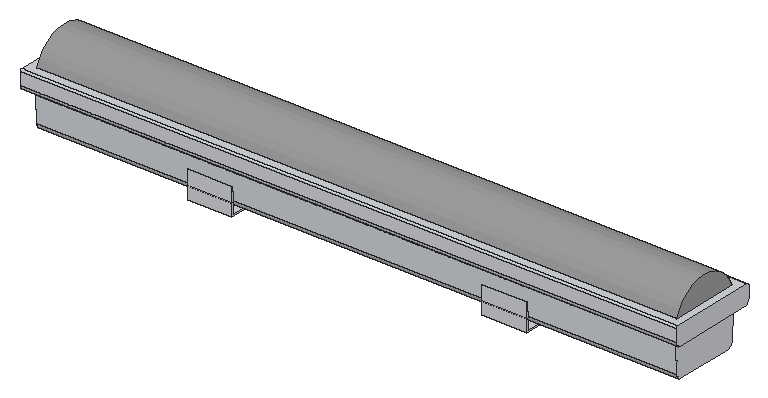
Revit family "0010204", category Lighting Fixtures, host Face, Revit 2017
Family settings
  Host = Face
  Round Connector Dimension = Use Diameter
  Part Type = Normal
  OmniClass Number = 23.80.70.00
  OmniClass Title = Lighting
  Cut with Voids When Loaded = No
  Light Source = Yes
  Shared = No
  Room Calculation Point = No
Parameters (values of type "0010204 RESISTO 600 IP66 1600LM 865")
  Weight = "0.88 kg"
  Wattage Comments = ""
  Wattage = 12 W
  WarrantyStartDate [instance] = "n/a"
  WarrantyGuarantorParts = "n/a"
  WarrantyDurationUnit = "n/a"
  WarrantyDurationParts = "n/a"
  WarrantyDescription = "n/a"
  WIDTH_SYL = 44.5 mm
  built-in parameter 1150110 = 1 (stored number, unit not read)
  Voltage = 0 V
  URL = "http://www.sylvania-lighting.com"
  TypeName = "Resisto  600 IP66 1600lm 865"
  Type Image = <None>
  Type Comments = "n/a"
  built-in parameter 1114217 = 1 (stored number, unit not read)
  Tilt Angle = -90.00°
  built-in parameter 1150109 = 1 (stored number, unit not read)
  built-in parameter 1150134 = 1
  TOP_WIDTH_SYL = 33.5 mm
  built-in parameter 1150113 = 1 (stored number, unit not read)
  SerialNumber [instance] = "n/a"
  Photometric Web File = "0010204.ies"
  Material_3_SYL = none
  PowerFactor = 0.9
  PowerConsumption = "12 W"
  NominalLength = 650 mm
  NominalHeight = 80 mm
  NominalDepth = 87 mm
  Name = "Resisto  600 IP66 1600lm 865"
  ModelReference = Name  # "Resisto  600 IP66 1600lm 865"
  ModelNumber = "0010204"
  Model = Name  # "Resisto  600 IP66 1600lm 865"
  Material = "pc polycarbonate housing, pc polycarbonate diffuser"
  ManufacturerName = "Feilo Sylvania"
  Manufacturer = "Feilo Sylvania"
  MID_WIDTH_SYL = 36 mm
  LuminousEfficacy = "133 lm/W"
  built-in parameter 1150105 = 546.34 (stored number, unit not read)
  Lumens = 1596 lm
  LuminaireType = ""
  built-in parameter 1150115 = 1 (stored number, unit not read)
  LightOutputRatio = "n/a"
  built-in parameter 1150137 = (empty or 0)
  built-in parameter 1150139 = (empty or 0)
  LampsType = Lamp  # "LED"
  LampNominalLuminous = "1600 lm"
  LampMacAdamStep = "5"
  LampColourTemperature = "6500 K"
  LampColourRenderingIndex = "80"
  built-in parameter 1150112 = 1 (stored number, unit not read)
  built-in parameter 1150114 = 1 (stored number, unit not read)
  Lamp = "LED"
  LENGHT_SYL = if(L1500_SYL, 742 mm, if(L1200_SYL, 592 mm, 317 mm))  # 317 mm
  LENGHT_CHAMFER_SYL = if(L1500_SYL, 750 mm, if(L1200_SYL, 600 mm, 325 mm))  # 325 mm
  LENGHT_650_SYL = 325 mm
  LENGHT-_SYL = if(L1500_SYL, -742 mm, if(L1200_SYL, -592 mm, -317 mm))  # -317 mm
  LENGHT-_CHAMFER_SYL = if(L1500_SYL, -750 mm, if(L1200_SYL, -600 mm, -325 mm))  # -325 mm
  LEGHT_650-_SYL = -325 mm
  LEGHT_1500_SYL = 750 mm
  LEGHT_1500-_SYL = -750 mm
  LEGHT_1200_SYL = 600 mm
  LEGHT_1200-_SYL = -600 mm
  L0650_SYL = yes
  L1500_SYL = no
  L1200_SYL = no
  Keynote = "16500"
  InstallationDate [instance] = "n/a"
  InputVoltage = "n/a"
  InputNominalFrequency = "n/a"
  built-in parameter 1150132 = (empty or 0)
  built-in parameter 1150102 = (empty or 0)
  built-in parameter 1150107 = 6500 (stored number, unit not read)
  built-in parameter 1150138 = (empty or 0)
  IngressProtection = "IP66"
  ImpactProtectionIndex = "IK08"
  built-in parameter 1150106 = 5.4634 (stored number, unit not read)
  IfcExportType = "IfcLightFixtureType"
  IfcExportAs = "IfcLightFixtureType"
  Emit from Circle Diameter = 609.6 mm
  Emit Shape Visible in Rendering = no
  ElectricShockClassification = "Class I"
  built-in parameter 1150104 = 12.356 (stored number, unit not read)
  DocumentationLiterature = "http://www.sylvania-lighting.com/product/en-int/products/0010204"
  DimmingControlOptions = "n/a"
  Material_2_SYL = none
  Dimming Lamp Color Temperature Shift = <None>
  Description = "Resisto, integrated LED weatherproof luminaire, with UV stabilized flat diffuser designed to achieve uniform lit appearance, optimise light output and to reduce glare. 301 stainless steel diffuser clips and fixing brackets for surface mounting. Polycarbonate housing and diffuser - no yellow discolouration over time. 1600lm; 12W; 133lm/W; 6500K; SDCM<5; non dimmable; CRI80; IP66; IK08; Class I; 69,000hrs (L80B20) lifespan; 650mm x 89mm x 88mm; D-mark."
  Default Elevation = 1219.2 mm
  DIF_WIDHT_SYL = 35 mm
  DIF_HEIGHT_SYL = 24 mm
  CreatedOn = "3/10/2021"
  CreatedBy = "@sylvania-lighting.com"
  Cost = 0
  Color Filter = 16777215
  built-in parameter 1114216 [instance] = (empty or 0)
  ClassificationValue = "EF_70_80"
  ClassificationName = "Uniclass2015"
  Material_1_SYL = Default
  CHAMFER_SYL = 19 mm
  BarCode [instance] = "n/a"
  built-in parameter 1114218 = 1 (stored number, unit not read)
  BRACKET_WIDTH_SYL = BRACKET_DIST_SYL - 44 mm  # 125 mm
  BRACKET_HEIGHT_SYL = 9 mm
  BRACKET_DIST_SYL = LENGHT_CHAMFER_SYL - 156 mm  # 169 mm
  BODY_SYL = 36 mm
  built-in parameter 1150133 = 10 (stored number, unit not read)
  AssetType = "Fixed"
  AssetIdentifier [instance] = "n/a"
  Assembly Code = "D5020200"
  Apparent Load = 12 VA
  Material_4_SYL = none
Reference planes
  plane 1 "Center (Front/Back)": y = 0
  plane 2: z = 0
  plane 3 "Center (Left/Right)": x = 0
  plane 4: z = 9
  plane 5: z = 45
  plane 6: z = 64
  plane 7: z = 88
  plane 8: y = -44.5
  plane 9: y = 44.5
  plane 10: y = -35
  plane 11: y = 35
  plane 12: y = 33.5
  plane 13: y = -33.5
  plane 14: y = -36
  plane 15: y = 36
  plane 16: z = 1
Forms (mm)
  Extrusion 1, solid
    sketch origin (319, 1524, 1219.2) x (0, 1, 0) y (0, 0, 1)
      loop
        line (-1552.835, -1210.2) -> (-1495.165, -1210.2)
        arc (-1495.165, -1210.2) -> (-1491.754, -1208.856) -> (-1490.177, -1205.546) r 5
        line (-1490.177, -1205.546) -> (-1488.323, -1178.854) -> (-1488, -1174.2) -> (-1560, -1174.2) -> (-1559.677, -1178.854) -> (-1557.823, -1205.546)
        arc (-1557.823, -1205.546) -> (-1556.246, -1208.856) -> (-1552.835, -1210.2) r 5
    from -317 <- "LENGHT-_SYL" to 317 <- "LENGHT_SYL"
  Extrusion 2, solid, material "Default" <- "Material_1_SYL"
    sketch origin (319, 1524, 1219.2) x (0, 1, 0) y (0, 0, 1)
      loop
        arc (-1490.5, -1155.2) -> (-1524, -1131.2) -> (-1557.5, -1155.2) r 35.38
        line (-1557.5, -1155.2) -> (-1490.5, -1155.2)
    from -317 <- "LENGHT-_SYL" to 317 <- "LENGHT_SYL"
  Extrusion 3, solid
    sketch origin (319, 1524, 1219.2) x (0, 1, 0) y (0, 0, 1)
      loop
        line (-1481.5, -1155.2) -> (-1566.5, -1155.2)
        arc (-1566.5, -1155.2) -> (-1567.914, -1155.786) -> (-1568.5, -1157.2) r 2
        line (-1568.5, -1157.2) -> (-1568.5, -1169.2)
        arc (-1568.5, -1169.2) -> (-1567.036, -1172.736) -> (-1563.5, -1174.2) r 5
        line (-1563.5, -1174.2) -> (-1484.5, -1174.2)
        arc (-1484.5, -1174.2) -> (-1480.964, -1172.736) -> (-1479.5, -1169.2) r 5
        line (-1479.5, -1169.2) -> (-1479.5, -1157.2)
        arc (-1479.5, -1157.2) -> (-1480.086, -1155.786) -> (-1481.5, -1155.2) r 2
    from -325 <- "LENGHT-_CHAMFER_SYL" to 325 <- "LENGHT_CHAMFER_SYL"
  Extrusion 4, solid
    sketch origin (319, 1524, 1219.2) x (0, 1, 0) y (0, 0, 1)
      loop
        line (-1489, -1219.2) -> (-1489, -1192.216) -> (-1490.5, -1192.216) -> (-1490.5, -1218.2) -> (-1557.5, -1218.2) -> (-1557.5, -1192.172) -> (-1559, -1192.172) -> (-1559, -1219.2) -> (-1489, -1219.2)
    from 125 <- "BRACKET_WIDTH_SYL" to 169 <- "BRACKET_DIST_SYL"
  Extrusion 5, solid
    sketch origin (321, 1524, 1219.2) x (0, 1, 0) y (0, 0, -1)
      loop
        line (-1489, 1219.2) -> (-1559, 1219.2) -> (-1559, 1192.172) -> (-1557.5, 1192.172) -> (-1557.5, 1218.2) -> (-1490.5, 1218.2) -> (-1490.5, 1192.216) -> (-1489, 1192.216) -> (-1489, 1219.2)
    from 125 <- "BRACKET_WIDTH_SYL" to 169 <- "BRACKET_DIST_SYL"
Dimensions and locks
  "BRACKET_HEIGHT_SYL": plane 4 to host face
  "BODY_SYL": plane 4 to plane 5
  "CHAMFER_SYL": plane 5 to plane 6
  "DIF_HEIGHT_SYL": plane 6 to plane 7
  "WIDTH_SYL": plane 9 to plane 1 "Center (Front/Back)" to plane 8
  "DIF_WIDHT_SYL": plane 11 to plane 1 "Center (Front/Back)" to plane 10
  "TOP_WIDTH_SYL": plane 12 to plane 1 "Center (Front/Back)" to plane 13
  "MID_WIDTH_SYL": plane 15 to plane 1 "Center (Front/Back)" to plane 14
  aligned and locked: plane 2 to host face
  aligned and locked: level to host face
  aligned and locked: Extrusion 3 sketch curve to plane 6
  aligned and locked: Extrusion 3 sketch curve to plane 9
  aligned and locked: plane 5 to Extrusion 3 sketch curve
  aligned and locked: plane 8 to Extrusion 3 sketch curve
Automatic sketch dimensions
  host sketch curve to host sketch curve = 2438.4 mm  (x2)
  plane 5 to Extrusion 1 sketch curve = 0 mm
  Extrusion 1 sketch curve to plane 14 = 0 mm
  plane 4 to Extrusion 1 sketch curve = 0 mm
  Extrusion 1 sketch curve to plane 15 = 0 mm
  Extrusion 1 sketch curve to plane 14 = 0.323 mm
  plane 13 to Extrusion 1 sketch curve = 0.323 mm
  Extrusion 1 sketch curve to plane 13 = 4.665 mm
  plane 12 to Extrusion 1 sketch curve = 4.665 mm
  Extrusion 1 sketch curve to plane 12 = 0.323 mm
  plane 15 to Extrusion 1 sketch curve = 0.323 mm
  Extrusion 1 sketch curve to plane 4 = 4.654 mm  (x2)
  plane 5 to Extrusion 1 sketch curve = 4.654 mm  (x2)
  plane 6 to Extrusion 2 sketch curve = 0 mm
  Extrusion 2 sketch curve to plane 13 = 0 mm
  Extrusion 2 sketch curve to plane 1 "Center (Front/Back)" = 0 mm
  Extrusion 2 sketch curve to plane 5 = 7.62 mm
  Extrusion 3 sketch curve to plane 8 = 2 mm
  plane 14 to Extrusion 3 sketch curve = 3.5 mm
  Extrusion 3 sketch curve to plane 15 = 3.5 mm
  plane 6 to Extrusion 3 sketch curve = 2 mm
  Extrusion 4 sketch curve to level = 0 mm
  Extrusion 4 sketch curve to plane 10 = 0 mm
  Extrusion 4 sketch curve to plane 13 = 0 mm
  Extrusion 4 sketch curve to plane 12 = 0 mm
  Extrusion 4 sketch curve to plane 11 = 0 mm
  plane 16 to Extrusion 4 sketch curve = 0 mm
  Extrusion 4 sketch curve to plane 4 = 17.984 mm
  plane 5 to Extrusion 4 sketch curve = 17.972 mm
  Extrusion 5 sketch curve to level = 0 mm
  Extrusion 5 sketch curve to plane 10 = 0 mm
  Extrusion 5 sketch curve to plane 13 = 0 mm
  Extrusion 5 sketch curve to plane 12 = 0 mm
  Extrusion 5 sketch curve to plane 11 = 0 mm
  plane 16 to Extrusion 5 sketch curve = 0 mm
  Extrusion 5 sketch curve to plane 4 = 17.984 mm
  plane 5 to Extrusion 5 sketch curve = 17.972 mm
Connectors
  electrical at (2, 0, 27)
    settings: on Extrusion 1, index 1, voltage 0 V, apparent load 0 VA, apparent load phase1 0 VA, apparent load phase2 0 VA, apparent load phase3 0 VA, power factor 1, load classification "Other", number of poles 1, system type 31, power factor state 1, is connector primary yes, connector utility no, sub classification motor no, connector description ""
Types (60, lengths in mm): name | Weight | Wattage | TypeName | built-in parameter 1150134 | Photometric Web File | PowerFactor | PowerConsumption | NominalLength | Name | ModelReference | ModelNumber | Model | LuminousEfficacy | built-in parameter 1150105 | Lumens | LampNominalLuminous | LampMacAdamStep | LampColourTemperature | LENGHT_SYL | LENGHT_CHAMFER_SYL | LENGHT-_SYL | LENGHT-_CHAMFER_SYL | L0650_SYL | L1500_SYL | L1200_SYL | built-in parameter 1150107 | built-in parameter 1150106 | built-in parameter 1150104 | DocumentationLiterature | Description | BRACKET_WIDTH_SYL | BRACKET_DIST_SYL | Apparent Load
  0010278 RESISTO 1500 HE IP66 8300LM 840 | "1.95 kg" | 54 W | "Resisto 1500 HE IP66 8300lm 840" | 12 | "0010278.ies" | 0.95 | "54 W" | 1500 | "Resisto 1500 HE IP66 8300lm 840" | "Resisto 1500 HE IP66 8300lm 840" | "0010278" | "Resisto 1500 HE IP66 8300lm 840" | "154 lm/W" | 2674.3 (stored number, unit not read) | 8316 lm | "8300 lm" | "3" | "4000 K" | 742 | 750 | -742 | -750 | no | yes | no | 4000 (stored number, unit not read) | 26.743 (stored number, unit not read) | 14.307 (stored number, unit not read) | "http://www.sylvania-lighting.com/product/en-int/products/0010278" | "Resisto, integrated LED weatherproof luminaire, with UV stabilized flat diffuser designed to achieve uniform lit appearance, optimise light output and to reduce glare. 301 stainless steel diffuser clips and fixing brackets for surface mounting. Polycarbonate housing and diffuser - no yellow discolouration over time. 8300lm; 54W; 154lm/W; 4000K; SDCM<3; non dimmable; CRI80; IP66; IK08; Class I; 69,000hrs (L80B20) lifespan; 1500mm x 89mm x 88mm; D-mark." | 550 | 594 | 54 VA
  0010274 RESISTO 1500 HE IP66 DALI 7100LM 840 | "2.01 kg" | 46 W | "Resisto 1500 HE IP66 DALI 7100lm 840" | 12 | "0010274.ies" | 0.98 | "46 W" | 1500 | "Resisto 1500 HE IP66 DALI 7100lm 840" | "Resisto 1500 HE IP66 DALI 7100lm 840" | "0010274" | "Resisto 1500 HE IP66 DALI 7100lm 840" | "154 lm/W" | 2362.2 (stored number, unit not read) | 7084 lm | "7100 lm" | "3" | "4000 K" | 742 | 750 | -742 | -750 | no | yes | no | 4000 (stored number, unit not read) | 23.622 (stored number, unit not read) | 14.307 (stored number, unit not read) | "http://www.sylvania-lighting.com/product/en-int/products/0010274" | "Resisto, integrated LED weatherproof luminaire, with UV stabilized flat diffuser designed to achieve uniform lit appearance, optimise light output and to reduce glare. 301 stainless steel diffuser clips and fixing brackets for surface mounting. Polycarbonate housing and diffuser - no yellow discolouration over time. 7100lm; 46W; 154lm/W; 4000K; SDCM<3; DALI dimmable; CRI80; IP66; IK08; Class I; 69,000hrs (L80B20) lifespan; 1500mm x 89mm x 88mm; D-mark." | 550 | 594 | 46 VA
  0010273 RESISTO 1500 HE IP66 DALI 4000LM 840 | "1.95 kg" | 25 W | "Resisto 1500 HE IP66 DALI 4000lm 840" | 12 | "0010273.ies" | 0.98 | "25 W" | 1500 | "Resisto 1500 HE IP66 DALI 4000lm 840" | "Resisto 1500 HE IP66 DALI 4000lm 840" | "0010273" | "Resisto 1500 HE IP66 DALI 4000lm 840" | "160 lm/W" | 1286.3 (stored number, unit not read) | 4000 lm | "4000 lm" | "3" | "4000 K" | 742 | 750 | -742 | -750 | no | yes | no | 4000 (stored number, unit not read) | 12.863 (stored number, unit not read) | 14.864 (stored number, unit not read) | "http://www.sylvania-lighting.com/product/en-int/products/0010273" | "Resisto, integrated LED weatherproof luminaire, with UV stabilized flat diffuser designed to achieve uniform lit appearance, optimise light output and to reduce glare. 301 stainless steel diffuser clips and fixing brackets for surface mounting. Polycarbonate housing and diffuser - no yellow discolouration over time. 4000lm; 25W; 160lm/W; 4000K; SDCM<3; DALI dimmable; CRI80; IP66; IK08; Class I; 69,000hrs (L80B20) lifespan; 1500mm x 89mm x 88mm; D-mark." | 550 | 594 | 25 VA
  0010272 RESISTO 1500 HE IP66 7100LM 840 EM | "2.58 kg" | 50 W | "Resisto 1500 HE IP66 7100lm 840 EM" | 12 | "0010272.ies" | 0.95 | "50 W" | 1500 | "Resisto 1500 HE IP66 7100lm 840 EM" | "Resisto 1500 HE IP66 7100lm 840 EM" | "0010272" | "Resisto 1500 HE IP66 7100lm 840 EM" | "142 lm/W" | 2367.5 (stored number, unit not read) | 7100 lm | "7100 lm" | "3" | "4000 K" | 742 | 750 | -742 | -750 | no | yes | no | 4000 (stored number, unit not read) | 23.675 (stored number, unit not read) | 13.192 (stored number, unit not read) | "http://www.sylvania-lighting.com/product/en-int/products/0010272" | "Resisto, integrated LED weatherproof luminaire, with UV stabilized flat diffuser designed to achieve uniform lit appearance, optimise light output and to reduce glare. 301 stainless steel diffuser clips and fixing brackets for surface mounting. Polycarbonate housing and diffuser - no yellow discolouration over time. 7100lm; 50W; 142lm/W; 4000K; SDCM<3; non dimmable; CRI80; IP66; IK08; Class I; 69,000hrs (L80B20) lifespan; 1500mm x 89mm x 88mm; D-mark; 3-hour maintained emergency batteries." | 550 | 594 | 50 VA
  0010271 RESISTO 1500 HE IP66 4000LM 840 EM | "2.51 kg" | 29 W | "Resisto 1500 HE IP66 4000lm 840 EM" | 12 | "0010271.ies" | 0.95 | "29 W" | 1500 | "Resisto 1500 HE IP66 4000lm 840 EM" | "Resisto 1500 HE IP66 4000lm 840 EM" | "0010271" | "Resisto 1500 HE IP66 4000lm 840 EM" | "138 lm/W" | 1287 (stored number, unit not read) | 4002 lm | "4000 lm" | "3" | "4000 K" | 742 | 750 | -742 | -750 | no | yes | no | 4000 (stored number, unit not read) | 12.87 (stored number, unit not read) | 12.821 (stored number, unit not read) | "http://www.sylvania-lighting.com/product/en-int/products/0010271" | "Resisto, integrated LED weatherproof luminaire, with UV stabilized flat diffuser designed to achieve uniform lit appearance, optimise light output and to reduce glare. 301 stainless steel diffuser clips and fixing brackets for surface mounting. Polycarbonate housing and diffuser - no yellow discolouration over time. 4000lm; 29W; 138lm/W; 4000K; SDCM<3; non dimmable; CRI80; IP66; IK08; Class I; 69,000hrs (L80B20) lifespan; 1500mm x 89mm x 88mm; D-mark; 3-hour maintained emergency batteries." | 550 | 594 | 29 VA
  0010269 RESISTO 1500 HE IP66 7100LM 840 | "1.95 kg" | 46 W | "Resisto  1500 HE IP66 7100lm 840" | 12 | "0010269.ies" | 0.95 | "46 W" | 1500 | "Resisto  1500 HE IP66 7100lm 840" | "Resisto  1500 HE IP66 7100lm 840" | "0010269" | "Resisto  1500 HE IP66 7100lm 840" | "154 lm/W" | 2362.2 (stored number, unit not read) | 7084 lm | "7100 lm" | "3" | "4000 K" | 742 | 750 | -742 | -750 | no | yes | no | 4000 (stored number, unit not read) | 23.622 (stored number, unit not read) | 14.307 (stored number, unit not read) | "http://www.sylvania-lighting.com/product/en-int/products/0010269" | "Resisto, integrated LED weatherproof luminaire, with UV stabilized flat diffuser designed to achieve uniform lit appearance, optimise light output and to reduce glare. 301 stainless steel diffuser clips and fixing brackets for surface mounting. Polycarbonate housing and diffuser - no yellow discolouration over time. 7100lm; 46W; 154lm/W; 4000K; SDCM<3; non dimmable; CRI80; IP66; IK08; Class I; 69,000hrs (L80B20) lifespan; 1500mm x 89mm x 88mm; D-mark." | 550 | 594 | 46 VA
  0010268 RESISTO 1500 HE IP66 4000LM 840 | "1.87 kg" | 25 W | "Resisto  1500 HE IP66 4000lm 840" | 12 | "0010268.ies" | 0.95 | "25 W" | 1500 | "Resisto  1500 HE IP66 4000lm 840" | "Resisto  1500 HE IP66 4000lm 840" | "0010268" | "Resisto  1500 HE IP66 4000lm 840" | "160 lm/W" | 1286.3 (stored number, unit not read) | 4000 lm | "4000 lm" | "3" | "4000 K" | 742 | 750 | -742 | -750 | no | yes | no | 4000 (stored number, unit not read) | 12.863 (stored number, unit not read) | 14.864 (stored number, unit not read) | "http://www.sylvania-lighting.com/product/en-int/products/0010268" | "Resisto, integrated LED weatherproof luminaire, with UV stabilized flat diffuser designed to achieve uniform lit appearance, optimise light output and to reduce glare. 301 stainless steel diffuser clips and fixing brackets for surface mounting. Polycarbonate housing and diffuser - no yellow discolouration over time. 4000lm; 25W; 160lm/W; 4000K; SDCM<3; non dimmable; CRI80; IP66; IK08; Class I; 69,000hrs (L80B20) lifespan; 1500mm x 89mm x 88mm; D-mark." | 550 | 594 | 25 VA
  0010261 RESISTO 1500 IP66 DALI 8300LM 840 | "2.01 kg" | 61 W | "Resisto  1500 IP66 DALI 8300lm 840" | 12 | "0010261.ies" | 0.99 | "61 W" | 1500 | "Resisto  1500 IP66 DALI 8300lm 840" | "Resisto  1500 IP66 DALI 8300lm 840" | "0010261" | "Resisto  1500 IP66 DALI 8300lm 840" | "136 lm/W" | 2792.8 (stored number, unit not read) | 8296 lm | "8300 lm" | "5" | "4000 K" | 742 | 750 | -742 | -750 | no | yes | no | 4000 (stored number, unit not read) | 27.928 (stored number, unit not read) | 12.635 (stored number, unit not read) | "http://www.sylvania-lighting.com/product/en-int/products/0010261" | "Resisto, integrated LED weatherproof luminaire, with UV stabilized flat diffuser designed to achieve uniform lit appearance, optimise light output and to reduce glare. 301 stainless steel diffuser clips and fixing brackets for surface mounting. Polycarbonate housing and diffuser - no yellow discolouration over time. 8300lm; 61W; 136lm/W; 4000K; SDCM<5; DALI dimmable; CRI80; IP66; IK08; Class I; 69,000hrs (L80B20) lifespan; 1500mm x 89mm x 88mm; D-mark." | 550 | 594 | 61 VA
  0010260 RESISTO 1500 IP66 DALI 7100LM 840 | "2.01 kg" | 52 W | "Resisto  1500 IP66 DALI 7100lm 840" | 12 | "0010260.ies" | 0.99 | "52 W" | 1500 | "Resisto  1500 IP66 DALI 7100lm 840" | "Resisto  1500 IP66 DALI 7100lm 840" | "0010260" | "Resisto  1500 IP66 DALI 7100lm 840" | "137 lm/W" | 2375.5 (stored number, unit not read) | 7124 lm | "7100 lm" | "5" | "4000 K" | 742 | 750 | -742 | -750 | no | yes | no | 4000 (stored number, unit not read) | 23.755 (stored number, unit not read) | 12.728 (stored number, unit not read) | "http://www.sylvania-lighting.com/product/en-int/products/0010260" | "Resisto, integrated LED weatherproof luminaire, with UV stabilized flat diffuser designed to achieve uniform lit appearance, optimise light output and to reduce glare. 301 stainless steel diffuser clips and fixing brackets for surface mounting. Polycarbonate housing and diffuser - no yellow discolouration over time. 7100lm; 52W; 137lm/W; 4000K; SDCM<5; DALI dimmable; CRI80; IP66; IK08; Class I; 69,000hrs (L80B20) lifespan; 1500mm x 89mm x 88mm; D-mark." | 550 | 594 | 52 VA
  0010259 RESISTO 1500 IP66 DALI 4000LM 840 | "1.95 kg" | 30 W | "Resisto  1500 IP66 DALI 4000lm 840" | 12 | "0010259.ies" | 0.98 | "30 W" | 1500 | "Resisto  1500 IP66 DALI 4000lm 840" | "Resisto  1500 IP66 DALI 4000lm 840" | "0010259" | "Resisto  1500 IP66 DALI 4000lm 840" | "133 lm/W" | 1283.1 (stored number, unit not read) | 3990 lm | "4000 lm" | "5" | "4000 K" | 742 | 750 | -742 | -750 | no | yes | no | 4000 (stored number, unit not read) | 12.831 (stored number, unit not read) | 12.356 (stored number, unit not read) | "http://www.sylvania-lighting.com/product/en-int/products/0010259" | "Resisto, integrated LED weatherproof luminaire, with UV stabilized flat diffuser designed to achieve uniform lit appearance, optimise light output and to reduce glare. 301 stainless steel diffuser clips and fixing brackets for surface mounting. Polycarbonate housing and diffuser - no yellow discolouration over time. 4000lm; 30W; 133lm/W; 4000K; SDCM<5; DALI dimmable; CRI80; IP66; IK08; Class I; 69,000hrs (L80B20) lifespan; 1500mm x 89mm x 88mm; D-mark." | 550 | 594 | 30 VA
  0010258 RESISTO 1500 IP66 MWCOR 7100LM 840 | "2.06 kg" | 52 W | "Resisto  1500 IP66 MWcor 7100lm 840" | 12 | "0010258.ies" | 0.99 | "52 W" | 1500 | "Resisto  1500 IP66 MWcor 7100lm 840" | "Resisto  1500 IP66 MWcor 7100lm 840" | "0010258" | "Resisto  1500 IP66 MWcor 7100lm 840" | "137 lm/W" | 2375.5 (stored number, unit not read) | 7124 lm | "7100 lm" | "5" | "4000 K" | 742 | 750 | -742 | -750 | no | yes | no | 4000 (stored number, unit not read) | 23.755 (stored number, unit not read) | 12.728 (stored number, unit not read) | "http://www.sylvania-lighting.com/product/en-int/products/0010258" | "Resisto, integrated LED weatherproof luminaire, with UV stabilized flat diffuser designed to achieve uniform lit appearance, optimise light output and to reduce glare. 301 stainless steel diffuser clips and fixing brackets for surface mounting. Polycarbonate housing and diffuser - no yellow discolouration over time. 7100lm; 52W; 137lm/W; 4000K; SDCM<5; non dimmable; CRI80; IP66; IK08; Class I; 69,000hrs (L80B20) lifespan; 1500mm x 89mm x 88mm; D-mark; corridor function with microwave presence sensor." | 550 | 594 | 52 VA
  0010257 RESISTO 1500 IP66 MWCOR 4000LM 840 | "2.0 kg" | 30 W | "Resisto  1500 IP66 MWcor 4000lm 840" | 12 | "0010257.ies" | 0.98 | "30 W" | 1500 | "Resisto  1500 IP66 MWcor 4000lm 840" | "Resisto  1500 IP66 MWcor 4000lm 840" | "0010257" | "Resisto  1500 IP66 MWcor 4000lm 840" | "133 lm/W" | 1283.1 (stored number, unit not read) | 3990 lm | "4000 lm" | "5" | "4000 K" | 742 | 750 | -742 | -750 | no | yes | no | 4000 (stored number, unit not read) | 12.831 (stored number, unit not read) | 12.356 (stored number, unit not read) | "http://www.sylvania-lighting.com/product/en-int/products/0010257" | "Resisto, integrated LED weatherproof luminaire, with UV stabilized flat diffuser designed to achieve uniform lit appearance, optimise light output and to reduce glare. 301 stainless steel diffuser clips and fixing brackets for surface mounting. Polycarbonate housing and diffuser - no yellow discolouration over time. 4000lm; 30W; 133lm/W; 4000K; SDCM<5; non dimmable; CRI80; IP66; IK08; Class I; 69,000hrs (L80B20) lifespan; 1500mm x 89mm x 88mm; D-mark; corridor function with microwave presence sensor." | 550 | 594 | 30 VA
  0010256 RESISTO 1500 IP66 MW 7100LM 840 | "2.0 kg" | 52 W | "Resisto  1500 IP66 MW 7100lm 840" | 12 | "0010256.ies" | 0.95 | "52 W" | 1500 | "Resisto  1500 IP66 MW 7100lm 840" | "Resisto  1500 IP66 MW 7100lm 840" | "0010256" | "Resisto  1500 IP66 MW 7100lm 840" | "137 lm/W" | 2375.5 (stored number, unit not read) | 7124 lm | "7100 lm" | "5" | "4000 K" | 742 | 750 | -742 | -750 | no | yes | no | 4000 (stored number, unit not read) | 23.755 (stored number, unit not read) | 12.728 (stored number, unit not read) | "http://www.sylvania-lighting.com/product/en-int/products/0010256" | "Resisto, integrated LED weatherproof luminaire, with UV stabilized flat diffuser designed to achieve uniform lit appearance, optimise light output and to reduce glare. 301 stainless steel diffuser clips and fixing brackets for surface mounting. Polycarbonate housing and diffuser - no yellow discolouration over time. 7100lm; 52W; 137lm/W; 4000K; SDCM<5; non dimmable; CRI80; IP66; IK08; Class I; 69,000hrs (L80B20) lifespan; 1500mm x 89mm x 88mm; D-mark; MW On/Off." | 550 | 594 | 52 VA
  0010255 RESISTO 1500 IP66 MW 4000LM 840 | "1.92 kg" | 30 W | "Resisto  1500 IP66 MW 4000lm 840" | 12 | "0010255.ies" | 0.95 | "30 W" | 1500 | "Resisto  1500 IP66 MW 4000lm 840" | "Resisto  1500 IP66 MW 4000lm 840" | "0010255" | "Resisto  1500 IP66 MW 4000lm 840" | "133 lm/W" | 1283.1 (stored number, unit not read) | 3990 lm | "4000 lm" | "5" | "4000 K" | 742 | 750 | -742 | -750 | no | yes | no | 4000 (stored number, unit not read) | 12.831 (stored number, unit not read) | 12.356 (stored number, unit not read) | "http://www.sylvania-lighting.com/product/en-int/products/0010255" | "Resisto, integrated LED weatherproof luminaire, with UV stabilized flat diffuser designed to achieve uniform lit appearance, optimise light output and to reduce glare. 301 stainless steel diffuser clips and fixing brackets for surface mounting. Polycarbonate housing and diffuser - no yellow discolouration over time. 4000lm; 30W; 133lm/W; 4000K; SDCM<5; non dimmable; CRI80; IP66; IK08; Class I; 69,000hrs (L80B20) lifespan; 1500mm x 89mm x 88mm; D-mark; MW On/Off." | 550 | 594 | 30 VA
  0010254 RESISTO 1500 IP66 7100LM 840 EM | "2.59 kg" | 56 W | "Resisto  1500 IP66 7100lm 840 EM" | 12 | "0010254.ies" | 0.95 | "56 W" | 1500 | "Resisto  1500 IP66 7100lm 840 EM" | "Resisto  1500 IP66 7100lm 840 EM" | "0010254" | "Resisto  1500 IP66 7100lm 840 EM" | "127 lm/W" | 2371.5 (stored number, unit not read) | 7112 lm | "7100 lm" | "5" | "4000 K" | 742 | 750 | -742 | -750 | no | yes | no | 4000 (stored number, unit not read) | 23.715 (stored number, unit not read) | 11.799 (stored number, unit not read) | "http://www.sylvania-lighting.com/product/en-int/products/0010254" | "Resisto, integrated LED weatherproof luminaire, with UV stabilized flat diffuser designed to achieve uniform lit appearance, optimise light output and to reduce glare. 301 stainless steel diffuser clips and fixing brackets for surface mounting. Polycarbonate housing and diffuser - no yellow discolouration over time. 7100lm; 56W; 127lm/W; 4000K; SDCM<5; non dimmable; CRI80; IP66; IK08; Class I; 69,000hrs (L80B20) lifespan; 1500mm x 89mm x 88mm; D-mark; 3-hour maintained emergency batteries." | 550 | 594 | 56 VA
  0010253 RESISTO 1500 IP66 4000LM 840 EM | "2.5 kg" | 34 W | "Resisto  1500 IP66 4000lm 840 EM" | 12 | "0010253.ies" | 0.95 | "34 W" | 1500 | "Resisto  1500 IP66 4000lm 840 EM" | "Resisto  1500 IP66 4000lm 840 EM" | "0010253" | "Resisto  1500 IP66 4000lm 840 EM" | "118 lm/W" | 1290.2 (stored number, unit not read) | 4012 lm | "4000 lm" | "5" | "4000 K" | 742 | 750 | -742 | -750 | no | yes | no | 4000 (stored number, unit not read) | 12.902 (stored number, unit not read) | 10.963 (stored number, unit not read) | "http://www.sylvania-lighting.com/product/en-int/products/0010253" | "Resisto, integrated LED weatherproof luminaire, with UV stabilized flat diffuser designed to achieve uniform lit appearance, optimise light output and to reduce glare. 301 stainless steel diffuser clips and fixing brackets for surface mounting. Polycarbonate housing and diffuser - no yellow discolouration over time. 4000lm; 34W; 118lm/W; 4000K; SDCM<5; non dimmable; CRI80; IP66; IK08; Class I; 69,000hrs (L80B20) lifespan; 1500mm x 89mm x 88mm; D-mark; 3-hour maintained emergency batteries." | 550 | 594 | 34 VA
  0010252 RESISTO 1500 IP66 7100LM 840 5XTH | "2.18 kg" | 52 W | "Resisto 1500 IP66 7100lm 840 5xTH" | 12 | "0010252.ies" | 0.95 | "52 W" | 1500 | "Resisto 1500 IP66 7100lm 840 5xTH" | "Resisto 1500 IP66 7100lm 840 5xTH" | "0010252" | "Resisto 1500 IP66 7100lm 840 5xTH" | "137 lm/W" | 2375.5 (stored number, unit not read) | 7124 lm | "7100 lm" | "5" | "4000 K" | 742 | 750 | -742 | -750 | no | yes | no | 4000 (stored number, unit not read) | 23.755 (stored number, unit not read) | 12.728 (stored number, unit not read) | "http://www.sylvania-lighting.com/product/en-int/products/0010252" | "Resisto, integrated LED weatherproof luminaire, with UV stabilized flat diffuser designed to achieve uniform lit appearance, optimise light output and to reduce glare. 301 stainless steel diffuser clips and fixing brackets for surface mounting. Polycarbonate housing and diffuser - no yellow discolouration over time. 7100lm; 52W; 137lm/W; 4000K; SDCM<5; non dimmable; CRI80; IP66; IK08; Class I; 69,000hrs (L80B20) lifespan; 1500mm x 89mm x 88mm; D-mark; through wiring." | 550 | 594 | 52 VA
  0010251 RESISTO 1500 IP66 4000LM 840 5XTH | "2.1 kg" | 30 W | "Resisto 1500 IP66 4000lm 840 5xTH" | 12 | "0010251.ies" | 0.95 | "30 W" | 1500 | "Resisto 1500 IP66 4000lm 840 5xTH" | "Resisto 1500 IP66 4000lm 840 5xTH" | "0010251" | "Resisto 1500 IP66 4000lm 840 5xTH" | "133 lm/W" | 1283.1 (stored number, unit not read) | 3990 lm | "4000 lm" | "5" | "4000 K" | 742 | 750 | -742 | -750 | no | yes | no | 4000 (stored number, unit not read) | 12.831 (stored number, unit not read) | 12.356 (stored number, unit not read) | "http://www.sylvania-lighting.com/product/en-int/products/0010251" | "Resisto, integrated LED weatherproof luminaire, with UV stabilized flat diffuser designed to achieve uniform lit appearance, optimise light output and to reduce glare. 301 stainless steel diffuser clips and fixing brackets for surface mounting. Polycarbonate housing and diffuser - no yellow discolouration over time. 4000lm; 30W; 133lm/W; 4000K; SDCM<5; non dimmable; CRI80; IP66; IK08; Class I; 69,000hrs (L80B20) lifespan; 1500mm x 89mm x 88mm; D-mark; through wiring." | 550 | 594 | 30 VA
  0010250 RESISTO 1500 IP66 7100LM 840 QC | "2.02 kg" | 52 W | "Resisto  1500 IP66 7100lm 840 QC" | 12 | "0010250.ies" | 0.95 | "52 W" | 1512 | "Resisto  1500 IP66 7100lm 840 QC" | "Resisto  1500 IP66 7100lm 840 QC" | "0010250" | "Resisto  1500 IP66 7100lm 840 QC" | "137 lm/W" | 2375.5 (stored number, unit not read) | 7124 lm | "7100 lm" | "5" | "4000 K" | 742 | 750 | -742 | -750 | no | yes | no | 4000 (stored number, unit not read) | 23.755 (stored number, unit not read) | 12.728 (stored number, unit not read) | "http://www.sylvania-lighting.com/product/en-int/products/0010250" | "Resisto, integrated LED weatherproof luminaire, with UV stabilized flat diffuser designed to achieve uniform lit appearance, optimise light output and to reduce glare. 301 stainless steel diffuser clips and fixing brackets for surface mounting. Polycarbonate housing and diffuser - no yellow discolouration over time. 7100lm; 52W; 137lm/W; 4000K; SDCM<5; non dimmable; CRI80; IP66; IK08; Class I; 69,000hrs (L80B20) lifespan; 1500mm x 89mm x 88mm; D-mark; assembled with quick connector." | 550 | 594 | 52 VA
  0010249 RESISTO 1500 IP66 4000LM 840 QC | "1.94 kg" | 30 W | "Resisto  1500 IP66 4000lm 840 QC" | 12 | "0010249.ies" | 0.95 | "30 W" | 1512 | "Resisto  1500 IP66 4000lm 840 QC" | "Resisto  1500 IP66 4000lm 840 QC" | "0010249" | "Resisto  1500 IP66 4000lm 840 QC" | "133 lm/W" | 1283.1 (stored number, unit not read) | 3990 lm | "4000 lm" | "5" | "4000 K" | 742 | 750 | -742 | -750 | no | yes | no | 4000 (stored number, unit not read) | 12.831 (stored number, unit not read) | 12.356 (stored number, unit not read) | "http://www.sylvania-lighting.com/product/en-int/products/0010249" | "Resisto, integrated LED weatherproof luminaire, with UV stabilized flat diffuser designed to achieve uniform lit appearance, optimise light output and to reduce glare. 301 stainless steel diffuser clips and fixing brackets for surface mounting. Polycarbonate housing and diffuser - no yellow discolouration over time. 4000lm; 30W; 133lm/W; 4000K; SDCM<5; non dimmable; CRI80; IP66; IK08; Class I; 69,000hrs (L80B20) lifespan; 1500mm x 89mm x 88mm; D-mark; assembled with quick connector." | 550 | 594 | 30 VA
  0010248 RESISTO 1500 IP66 8300LM 865 | "1.95 kg" | 61 W | "Resisto  1500 IP66 8300lm 865" | 1 | "0010248.ies" | 0.95 | "61 W" | 1500 | "Resisto  1500 IP66 8300lm 865" | "Resisto  1500 IP66 8300lm 865" | "0010248" | "Resisto  1500 IP66 8300lm 865" | "136 lm/W" | 2792.8 (stored number, unit not read) | 8296 lm | "8300 lm" | "5" | "6500 K" | 742 | 750 | -742 | -750 | no | yes | no | 6500 (stored number, unit not read) | 27.928 (stored number, unit not read) | 12.635 (stored number, unit not read) | "http://www.sylvania-lighting.com/product/en-int/products/0010248" | "Resisto, integrated LED weatherproof luminaire, with UV stabilized flat diffuser designed to achieve uniform lit appearance, optimise light output and to reduce glare. 301 stainless steel diffuser clips and fixing brackets for surface mounting. Polycarbonate housing and diffuser - no yellow discolouration over time. 8300lm; 61W; 136lm/W; 6500K; SDCM<5; non dimmable; CRI80; IP66; IK08; Class I; 69,000hrs (L80B20) lifespan; 1500mm x 89mm x 88mm; D-mark." | 550 | 594 | 61 VA
  0010247 RESISTO 1500 IP66 7100LM 865 | "1.95 kg" | 52 W | "Resisto  1500 IP66 7100lm 865" | 1 | "0010247.ies" | 0.95 | "52 W" | 1500 | "Resisto  1500 IP66 7100lm 865" | "Resisto  1500 IP66 7100lm 865" | "0010247" | "Resisto  1500 IP66 7100lm 865" | "137 lm/W" | 2375.5 (stored number, unit not read) | 7124 lm | "7100 lm" | "5" | "6500 K" | 742 | 750 | -742 | -750 | no | yes | no | 6500 (stored number, unit not read) | 23.755 (stored number, unit not read) | 12.728 (stored number, unit not read) | "http://www.sylvania-lighting.com/product/en-int/products/0010247" | "Resisto, integrated LED weatherproof luminaire, with UV stabilized flat diffuser designed to achieve uniform lit appearance, optimise light output and to reduce glare. 301 stainless steel diffuser clips and fixing brackets for surface mounting. Polycarbonate housing and diffuser - no yellow discolouration over time. 7100lm; 52W; 137lm/W; 6500K; SDCM<5; non dimmable; CRI80; IP66; IK08; Class I; 69,000hrs (L80B20) lifespan; 1500mm x 89mm x 88mm; D-mark." | 550 | 594 | 52 VA
  0010246 RESISTO 1500 IP66 4000LM 865 | "1.87 kg" | 30 W | "Resisto  1500 IP66 4000lm 865" | 1 | "0010246.ies" | 0.95 | "30 W" | 1500 | "Resisto  1500 IP66 4000lm 865" | "Resisto  1500 IP66 4000lm 865" | "0010246" | "Resisto  1500 IP66 4000lm 865" | "133 lm/W" | 1283.1 (stored number, unit not read) | 3990 lm | "4000 lm" | "5" | "6500 K" | 742 | 750 | -742 | -750 | no | yes | no | 6500 (stored number, unit not read) | 12.831 (stored number, unit not read) | 12.356 (stored number, unit not read) | "http://www.sylvania-lighting.com/product/en-int/products/0010246" | "Resisto, integrated LED weatherproof luminaire, with UV stabilized flat diffuser designed to achieve uniform lit appearance, optimise light output and to reduce glare. 301 stainless steel diffuser clips and fixing brackets for surface mounting. Polycarbonate housing and diffuser - no yellow discolouration over time. 4000lm; 30W; 133lm/W; 6500K; SDCM<5; non dimmable; CRI80; IP66; IK08; Class I; 69,000hrs (L80B20) lifespan; 1500mm x 89mm x 88mm; D-mark." | 550 | 594 | 30 VA
  0010245 RESISTO 1500 IP66 8300LM 840 | "15.48 kg" | 61 W | "Resisto  1500 IP66 8300lm 840" | 12 | "0010245.ies" | 0.95 | "61.0 W" | 1500 | "Resisto  1500 IP66 8300lm 840" | "Resisto  1500 IP66 8300lm 840" | "0010245" | "Resisto  1500 IP66 8300lm 840" | "136 lm/W" | -23179853.6 (stored number, unit not read) | 8296 lm | "8300 lm" | "5" | "4000 K" | 742 | 750 | -742 | -750 | no | yes | no | 4000 (stored number, unit not read) | -231798.5 (stored number, unit not read) | 12.635 (stored number, unit not read) | "http://www.sylvania-lighting.com/product/en-int/products/0010245" | "Resisto, integrated LED weatherproof luminaire, with UV stabilized flat diffuser designed to achieve uniform lit appearance, optimise light output and to reduce glare. 301 stainless steel diffuser clips and fixing brackets for surface mounting. Polycarbonate housing and diffuser - no yellow discolouration over time. 8300lm; 61W; 136lm/W; 4000K; SDCM<5; non dimmable; CRI80; IP66; IK08; Class I; 69,000hrs (L80B20) lifespan; 1500mm x 89mm x 88mm; D-mark." | 550 | 594 | 61 VA
  0010244 RESISTO 1500 IP66 7100LM 840 | "15.48 kg" | 52 W | "Resisto  1500 IP66 7100lm 840" | 12 | "0010244.ies" | 0.95 | "52.0 W" | 1500 | "Resisto  1500 IP66 7100lm 840" | "Resisto  1500 IP66 7100lm 840" | "0010244" | "Resisto  1500 IP66 7100lm 840" | "137 lm/W" | -16865856.3 (stored number, unit not read) | 7124 lm | "7100 lm" | "5" | "4000 K" | 742 | 750 | -742 | -750 | no | yes | no | 4000 (stored number, unit not read) | -168658.6 (stored number, unit not read) | 12.728 (stored number, unit not read) | "http://www.sylvania-lighting.com/product/en-int/products/0010244" | "Resisto, integrated LED weatherproof luminaire, with UV stabilized flat diffuser designed to achieve uniform lit appearance, optimise light output and to reduce glare. 301 stainless steel diffuser clips and fixing brackets for surface mounting. Polycarbonate housing and diffuser - no yellow discolouration over time. 7100lm; 52W; 137lm/W; 4000K; SDCM<5; non dimmable; CRI80; IP66; IK08; Class I; 69,000hrs (L80B20) lifespan; 1500mm x 89mm x 88mm; D-mark." | 550 | 594 | 52 VA
  0010243 RESISTO 1500 IP66 4000LM 840 | "1.87 kg" | 30 W | "Resisto  1500 IP66 4000lm 840" | 12 | "0010243.ies" | 0.95 | "30 W" | 1500 | "Resisto  1500 IP66 4000lm 840" | "Resisto  1500 IP66 4000lm 840" | "0010243" | "Resisto  1500 IP66 4000lm 840" | "133 lm/W" | 1283.1 (stored number, unit not read) | 3990 lm | "4000 lm" | "5" | "4000 K" | 742 | 750 | -742 | -750 | no | yes | no | 4000 (stored number, unit not read) | 12.831 (stored number, unit not read) | 12.356 (stored number, unit not read) | "http://www.sylvania-lighting.com/product/en-int/products/0010243" | "Resisto, integrated LED weatherproof luminaire, with UV stabilized flat diffuser designed to achieve uniform lit appearance, optimise light output and to reduce glare. 301 stainless steel diffuser clips and fixing brackets for surface mounting. Polycarbonate housing and diffuser - no yellow discolouration over time. 4000lm; 30W; 133lm/W; 4000K; SDCM<5; non dimmable; CRI80; IP66; IK08; Class I; 69,000hrs (L80B20) lifespan; 1500mm x 89mm x 88mm; D-mark." | 550 | 594 | 30 VA
  0010242 RESISTO 1500 IP66 8300LM 830 | "1.95 kg" | 61 W | "Resisto  1500 IP66 8300lm 830" | (empty or 0) | "0010242.ies" | 0.95 | "61 W" | 1500 | "Resisto  1500 IP66 8300lm 830" | "Resisto  1500 IP66 8300lm 830" | "0010242" | "Resisto  1500 IP66 8300lm 830" | "136 lm/W" | 2792.8 (stored number, unit not read) | 8296 lm | "8300 lm" | "5" | "3000 K" | 742 | 750 | -742 | -750 | no | yes | no | 3000 (stored number, unit not read) | 27.928 (stored number, unit not read) | 12.635 (stored number, unit not read) | "http://www.sylvania-lighting.com/product/en-int/products/0010242" | "Resisto, integrated LED weatherproof luminaire, with UV stabilized flat diffuser designed to achieve uniform lit appearance, optimise light output and to reduce glare. 301 stainless steel diffuser clips and fixing brackets for surface mounting. Polycarbonate housing and diffuser - no yellow discolouration over time. 8300lm; 61W; 136lm/W; 3000K; SDCM<5; non dimmable; CRI80; IP66; IK08; Class I; 69,000hrs (L80B20) lifespan; 1500mm x 89mm x 88mm; D-mark." | 550 | 594 | 61 VA
  0010241 RESISTO 1500 IP66 7100LM 830 | "1.95 kg" | 52 W | "Resisto  1500 IP66 7100lm 830" | (empty or 0) | "0010241.ies" | 0.95 | "52 W" | 1500 | "Resisto  1500 IP66 7100lm 830" | "Resisto  1500 IP66 7100lm 830" | "0010241" | "Resisto  1500 IP66 7100lm 830" | "137 lm/W" | 2375.5 (stored number, unit not read) | 7124 lm | "7100 lm" | "5" | "3000 K" | 742 | 750 | -742 | -750 | no | yes | no | 3000 (stored number, unit not read) | 23.755 (stored number, unit not read) | 12.728 (stored number, unit not read) | "http://www.sylvania-lighting.com/product/en-int/products/0010241" | "Resisto, integrated LED weatherproof luminaire, with UV stabilized flat diffuser designed to achieve uniform lit appearance, optimise light output and to reduce glare. 301 stainless steel diffuser clips and fixing brackets for surface mounting. Polycarbonate housing and diffuser - no yellow discolouration over time. 7100lm; 52W; 137lm/W; 3000K; SDCM<5; non dimmable; CRI80; IP66; IK08; Class I; 69,000hrs (L80B20) lifespan; 1500mm x 89mm x 88mm; D-mark." | 550 | 594 | 52 VA
  0010240 RESISTO 1500 IP66 4000LM 830 | "1.87 kg" | 30 W | "Resisto  1500 IP66 4000lm 830" | (empty or 0) | "0010240.ies" | 0.95 | "30 W" | 1500 | "Resisto  1500 IP66 4000lm 830" | "Resisto  1500 IP66 4000lm 830" | "0010240" | "Resisto  1500 IP66 4000lm 830" | "133 lm/W" | 1283.1 (stored number, unit not read) | 3990 lm | "4000 lm" | "5" | "3000 K" | 742 | 750 | -742 | -750 | no | yes | no | 3000 (stored number, unit not read) | 12.831 (stored number, unit not read) | 12.356 (stored number, unit not read) | "http://www.sylvania-lighting.com/product/en-int/products/0010240" | "Resisto, integrated LED weatherproof luminaire, with UV stabilized flat diffuser designed to achieve uniform lit appearance, optimise light output and to reduce glare. 301 stainless steel diffuser clips and fixing brackets for surface mounting. Polycarbonate housing and diffuser - no yellow discolouration over time. 4000lm; 30W; 133lm/W; 3000K; SDCM<5; non dimmable; CRI80; IP66; IK08; Class I; 69,000hrs (L80B20) lifespan; 1500mm x 89mm x 88mm; D-mark." | 550 | 594 | 30 VA
  0010237 RESISTO 1200 HE IP66 DALI 4800LM 840 | "1.59 kg" | 31 W | "Resisto  1200 HE IP66 DALI 4800lm 840" | 12 | "0010237.ies" | 0.98 | "31 W" | 1200 | "Resisto  1200 HE IP66 DALI 4800lm 840" | "Resisto  1200 HE IP66 DALI 4800lm 840" | "0010237" | "Resisto  1200 HE IP66 DALI 4800lm 840" | "155 lm/W" | 1587 (stored number, unit not read) | 4805 lm | "4800 lm" | "3" | "4000 K" | 592 | 600 | -592 | -600 | no | no | yes | 4000 (stored number, unit not read) | 15.87 (stored number, unit not read) | 14.4 (stored number, unit not read) | "http://www.sylvania-lighting.com/product/en-int/products/0010237" | "Resisto, integrated LED weatherproof luminaire, with UV stabilized flat diffuser designed to achieve uniform lit appearance, optimise light output and to reduce glare. 301 stainless steel diffuser clips and fixing brackets for surface mounting. Polycarbonate housing and diffuser - no yellow discolouration over time. 4800lm; 31W; 155lm/W; 4000K; SDCM<3; DALI dimmable; CRI80; IP66; IK08; Class I; 69,000hrs (L80B20) lifespan; 1200mm x 89mm x 88mm; D-mark." | 400 | 444 | 31 VA
  0010236 RESISTO 1200 HE IP66 DALI 2800LM 840 | "1.51 kg" | 18 W | "Resisto  1200 HE IP66 DALI 2800lm 840" | 12 | "0010236.ies" | 0.98 | "18 W" | 1200 | "Resisto  1200 HE IP66 DALI 2800lm 840" | "Resisto  1200 HE IP66 DALI 2800lm 840" | "0010236" | "Resisto  1200 HE IP66 DALI 2800lm 840" | "156 lm/W" | 922.88 (stored number, unit not read) | 2808 lm | "2800 lm" | "3" | "4000 K" | 592 | 600 | -592 | -600 | no | no | yes | 4000 (stored number, unit not read) | 9.2288 (stored number, unit not read) | 14.493 (stored number, unit not read) | "http://www.sylvania-lighting.com/product/en-int/products/0010236" | "Resisto, integrated LED weatherproof luminaire, with UV stabilized flat diffuser designed to achieve uniform lit appearance, optimise light output and to reduce glare. 301 stainless steel diffuser clips and fixing brackets for surface mounting. Polycarbonate housing and diffuser - no yellow discolouration over time. 2800lm; 18W; 156lm/W; 4000K; SDCM<3; DALI dimmable; CRI80; IP66; IK08; Class I; 69,000hrs (L80B20) lifespan; 1200mm x 89mm x 88mm; D-mark." | 400 | 444 | 18 VA
  0010235 RESISTO 1200 HE IP66 4800LM 840 EM | "2.12 kg" | 35 W | "Resisto  1200 HE IP66 4800lm 840 EM" | 12 | "0010235.ies" | 0.95 | "35 W" | 1200 | "Resisto  1200 HE IP66 4800lm 840 EM" | "Resisto  1200 HE IP66 4800lm 840 EM" | "0010235" | "Resisto  1200 HE IP66 4800lm 840 EM" | "137 lm/W" | 1583.6 (stored number, unit not read) | 4795 lm | "4800 lm" | "3" | "4000 K" | 592 | 600 | -592 | -600 | no | no | yes | 4000 (stored number, unit not read) | 15.836 (stored number, unit not read) | 12.728 (stored number, unit not read) | "http://www.sylvania-lighting.com/product/en-int/products/0010235" | "Resisto, integrated LED weatherproof luminaire, with UV stabilized flat diffuser designed to achieve uniform lit appearance, optimise light output and to reduce glare. 301 stainless steel diffuser clips and fixing brackets for surface mounting. Polycarbonate housing and diffuser - no yellow discolouration over time. 4800lm; 35W; 137lm/W; 4000K; SDCM<3; non dimmable; CRI80; IP66; IK08; Class I; 69,000hrs (L80B20) lifespan; 1200mm x 89mm x 88mm; D-mark; 3-hour maintained emergency batteries." | 400 | 444 | 35 VA
  0010234 RESISTO 1200 HE IP66 2800LM 840 EM | "2.12 kg" | 22 W | "Resisto  1200 HE IP66 2800lm 840 EM" | 12 | "0010234.ies" | 0.95 | "22 W" | 1200 | "Resisto  1200 HE IP66 2800lm 840 EM" | "Resisto  1200 HE IP66 2800lm 840 EM" | "0010234" | "Resisto  1200 HE IP66 2800lm 840 EM" | "127 lm/W" | 918.28 (stored number, unit not read) | 2794 lm | "2800 lm" | "3" | "4000 K" | 592 | 600 | -592 | -600 | no | no | yes | 4000 (stored number, unit not read) | 9.1828 (stored number, unit not read) | 11.799 (stored number, unit not read) | "http://www.sylvania-lighting.com/product/en-int/products/0010234" | "Resisto, integrated LED weatherproof luminaire, with UV stabilized flat diffuser designed to achieve uniform lit appearance, optimise light output and to reduce glare. 301 stainless steel diffuser clips and fixing brackets for surface mounting. Polycarbonate housing and diffuser - no yellow discolouration over time. 2800lm; 22W; 127lm/W; 4000K; SDCM<3; non dimmable; CRI80; IP66; IK08; Class I; 69,000hrs (L80B20) lifespan; 1200mm x 89mm x 88mm; D-mark; 3-hour maintained emergency batteries." | 400 | 444 | 22 VA
  0010233 RESISTO 1200 HE IP66 4800LM 840 | "1.51 kg" | 31 W | "Resisto  1200 HE IP66 4800lm 840" | 12 | "0010233.ies" | 0.95 | "31 W" | 1200 | "Resisto  1200 HE IP66 4800lm 840" | "Resisto  1200 HE IP66 4800lm 840" | "0010233" | "Resisto  1200 HE IP66 4800lm 840" | "155 lm/W" | 1587 (stored number, unit not read) | 4805 lm | "4800 lm" | "3" | "4000 K" | 592 | 600 | -592 | -600 | no | no | yes | 4000 (stored number, unit not read) | 15.87 (stored number, unit not read) | 14.4 (stored number, unit not read) | "http://www.sylvania-lighting.com/product/en-int/products/0010233" | "Resisto, integrated LED weatherproof luminaire, with UV stabilized flat diffuser designed to achieve uniform lit appearance, optimise light output and to reduce glare. 301 stainless steel diffuser clips and fixing brackets for surface mounting. Polycarbonate housing and diffuser - no yellow discolouration over time. 4800lm; 31W; 155lm/W; 4000K; SDCM<3; non dimmable; CRI80; IP66; IK08; Class I; 69,000hrs (L80B20) lifespan; 1200mm x 89mm x 88mm; D-mark." | 400 | 444 | 31 VA
  0010232 RESISTO 1200 HE IP66 2800LM 840 | "1.5 kg" | 18 W | "Resisto  1200 HE IP66 2800lm 840" | 12 | "0010232.ies" | 0.95 | "18 W" | 1200 | "Resisto  1200 HE IP66 2800lm 840" | "Resisto  1200 HE IP66 2800lm 840" | "0010232" | "Resisto  1200 HE IP66 2800lm 840" | "156 lm/W" | 922.88 (stored number, unit not read) | 2808 lm | "2800 lm" | "3" | "4000 K" | 592 | 600 | -592 | -600 | no | no | yes | 4000 (stored number, unit not read) | 9.2288 (stored number, unit not read) | 14.493 (stored number, unit not read) | "http://www.sylvania-lighting.com/product/en-int/products/0010232" | "Resisto, integrated LED weatherproof luminaire, with UV stabilized flat diffuser designed to achieve uniform lit appearance, optimise light output and to reduce glare. 301 stainless steel diffuser clips and fixing brackets for surface mounting. Polycarbonate housing and diffuser - no yellow discolouration over time. 2800lm; 18W; 156lm/W; 4000K; SDCM<3; non dimmable; CRI80; IP66; IK08; Class I; 69,000hrs (L80B20) lifespan; 1200mm x 89mm x 88mm; D-mark." | 400 | 444 | 18 VA
  0010225 RESISTO 1200 IP66 DALI 4800LM 840 | "1.62 kg" | 35 W | "Resisto  1200 IP66 DALI 4800lm 840" | 12 | "0010225.ies" | 0.98 | "35 W" | 1200 | "Resisto  1200 IP66 DALI 4800lm 840" | "Resisto  1200 IP66 DALI 4800lm 840" | "0010225" | "Resisto  1200 IP66 DALI 4800lm 840" | "137 lm/W" | 1583.6 (stored number, unit not read) | 4795 lm | "4800 lm" | "5" | "4000 K" | 592 | 600 | -592 | -600 | no | no | yes | 4000 (stored number, unit not read) | 15.836 (stored number, unit not read) | 12.728 (stored number, unit not read) | "http://www.sylvania-lighting.com/product/en-int/products/0010225" | "Resisto, integrated LED weatherproof luminaire, with UV stabilized flat diffuser designed to achieve uniform lit appearance, optimise light output and to reduce glare. 301 stainless steel diffuser clips and fixing brackets for surface mounting. Polycarbonate housing and diffuser - no yellow discolouration over time. 4800lm; 35W; 137lm/W; 4000K; SDCM<5; DALI dimmable; CRI80; IP66; IK08; Class I; 69,000hrs (L80B20) lifespan; 1200mm x 89mm x 88mm; D-mark." | 400 | 444 | 35 VA
  0010224 RESISTO 1200 IP66 DALI 2800LM 840 | "1.59 kg" | 21 W | "Resisto  1200 IP66 DALI 2800lm 840" | 12 | "0010224.ies" | 0.98 | "21 W" | 1200 | "Resisto  1200 IP66 DALI 2800lm 840" | "Resisto  1200 IP66 DALI 2800lm 840" | "0010224" | "Resisto  1200 IP66 DALI 2800lm 840" | "133 lm/W" | 917.95 (stored number, unit not read) | 2793 lm | "2800 lm" | "5" | "4000 K" | 592 | 600 | -592 | -600 | no | no | yes | 4000 (stored number, unit not read) | 9.1795 (stored number, unit not read) | 12.356 (stored number, unit not read) | "http://www.sylvania-lighting.com/product/en-int/products/0010224" | "Resisto, integrated LED weatherproof luminaire, with UV stabilized flat diffuser designed to achieve uniform lit appearance, optimise light output and to reduce glare. 301 stainless steel diffuser clips and fixing brackets for surface mounting. Polycarbonate housing and diffuser - no yellow discolouration over time. 2800lm; 21W; 133lm/W; 4000K; SDCM<5; DALI dimmable; CRI80; IP66; IK08; Class I; 69,000hrs (L80B20) lifespan; 1200mm x 89mm x 88mm; D-mark." | 400 | 444 | 21 VA
  0010223 RESISTO 1200 IP66 MWCOR 4800LM 840 | "1.72 kg" | 35 W | "Resisto  1200 IP66 MWcor 4800lm 840" | 12 | "0010223.ies" | 0.98 | "35 W" | 1200 | "Resisto  1200 IP66 MWcor 4800lm 840" | "Resisto  1200 IP66 MWcor 4800lm 840" | "0010223" | "Resisto  1200 IP66 MWcor 4800lm 840" | "137 lm/W" | 1583.6 (stored number, unit not read) | 4795 lm | "4800 lm" | "5" | "4000 K" | 592 | 600 | -592 | -600 | no | no | yes | 4000 (stored number, unit not read) | 15.836 (stored number, unit not read) | 12.728 (stored number, unit not read) | "http://www.sylvania-lighting.com/product/en-int/products/0010223" | "Resisto, integrated LED weatherproof luminaire, with UV stabilized flat diffuser designed to achieve uniform lit appearance, optimise light output and to reduce glare. 301 stainless steel diffuser clips and fixing brackets for surface mounting. Polycarbonate housing and diffuser - no yellow discolouration over time. 4800lm; 35W; 137lm/W; 4000K; SDCM<5; non dimmable; CRI80; IP66; IK08; Class I; 69,000hrs (L80B20) lifespan; 1200mm x 89mm x 88mm; D-mark; corridor function with microwave presence sensor." | 400 | 444 | 35 VA
  0010222 RESISTO 1200 IP66 MWCOR 2800LM 840 | "1.64 kg" | 21 W | "Resisto  1200 IP66 MWcor 2800lm 840" | 12 | "0010222.ies" | 0.98 | "21 W" | 1200 | "Resisto  1200 IP66 MWcor 2800lm 840" | "Resisto  1200 IP66 MWcor 2800lm 840" | "0010222" | "Resisto  1200 IP66 MWcor 2800lm 840" | "133 lm/W" | 917.95 (stored number, unit not read) | 2793 lm | "2800 lm" | "5" | "4000 K" | 592 | 600 | -592 | -600 | no | no | yes | 4000 (stored number, unit not read) | 9.1795 (stored number, unit not read) | 12.356 (stored number, unit not read) | "http://www.sylvania-lighting.com/product/en-int/products/0010222" | "Resisto, integrated LED weatherproof luminaire, with UV stabilized flat diffuser designed to achieve uniform lit appearance, optimise light output and to reduce glare. 301 stainless steel diffuser clips and fixing brackets for surface mounting. Polycarbonate housing and diffuser - no yellow discolouration over time. 2800lm; 21W; 133lm/W; 4000K; SDCM<5; non dimmable; CRI80; IP66; IK08; Class I; 69,000hrs (L80B20) lifespan; 1200mm x 89mm x 88mm; D-mark; corridor function with microwave presence sensor." | 400 | 444 | 21 VA
  0010221 RESISTO 1200 IP66 MW 4800LM 840 | "1.59 kg" | 35 W | "Resisto  1200 IP66 MW 4800lm 840" | 12 | "0010221.ies" | 0.95 | "35 W" | 1200 | "Resisto  1200 IP66 MW 4800lm 840" | "Resisto  1200 IP66 MW 4800lm 840" | "0010221" | "Resisto  1200 IP66 MW 4800lm 840" | "137 lm/W" | 1583.6 (stored number, unit not read) | 4795 lm | "4800 lm" | "5" | "4000 K" | 592 | 600 | -592 | -600 | no | no | yes | 4000 (stored number, unit not read) | 15.836 (stored number, unit not read) | 12.728 (stored number, unit not read) | "http://www.sylvania-lighting.com/product/en-int/products/0010221" | "Resisto, integrated LED weatherproof luminaire, with UV stabilized flat diffuser designed to achieve uniform lit appearance, optimise light output and to reduce glare. 301 stainless steel diffuser clips and fixing brackets for surface mounting. Polycarbonate housing and diffuser - no yellow discolouration over time. 4800lm; 35W; 137lm/W; 4000K; SDCM<5; non dimmable; CRI80; IP66; IK08; Class I; 69,000hrs (L80B20) lifespan; 1200mm x 89mm x 88mm; D-mark; MW On/Off." | 400 | 444 | 35 VA
  0010220 RESISTO 1200 IP66 MW 2800LM 840 | "1.55 kg" | 21 W | "Resisto  1200 IP66 MW 2800lm 840" | 12 | "0010220.ies" | 0.95 | "21 W" | 1200 | "Resisto  1200 IP66 MW 2800lm 840" | "Resisto  1200 IP66 MW 2800lm 840" | "0010220" | "Resisto  1200 IP66 MW 2800lm 840" | "133 lm/W" | 917.95 (stored number, unit not read) | 2793 lm | "2800 lm" | "5" | "4000 K" | 592 | 600 | -592 | -600 | no | no | yes | 4000 (stored number, unit not read) | 9.1795 (stored number, unit not read) | 12.356 (stored number, unit not read) | "http://www.sylvania-lighting.com/product/en-int/products/0010220" | "Resisto, integrated LED weatherproof luminaire, with UV stabilized flat diffuser designed to achieve uniform lit appearance, optimise light output and to reduce glare. 301 stainless steel diffuser clips and fixing brackets for surface mounting. Polycarbonate housing and diffuser - no yellow discolouration over time. 2800lm; 21W; 133lm/W; 4000K; SDCM<5; non dimmable; CRI80; IP66; IK08; Class I; 69,000hrs (L80B20) lifespan; 1200mm x 89mm x 88mm; D-mark; MW On/Off." | 400 | 444 | 21 VA
  0010219 RESISTO 1200 IP66 4800LM 840 EM | "2.16 kg" | 39 W | "Resisto  1200 IP66 4800lm 840 EM" | 12 | "0010219.ies" | 0.95 | "39 W" | 1200 | "Resisto  1200 IP66 4800lm 840 EM" | "Resisto  1200 IP66 4800lm 840 EM" | "0010219" | "Resisto  1200 IP66 4800lm 840 EM" | "123 lm/W" | 1584.3 (stored number, unit not read) | 4797 lm | "4800 lm" | "5" | "4000 K" | 592 | 600 | -592 | -600 | no | no | yes | 4000 (stored number, unit not read) | 15.843 (stored number, unit not read) | 11.427 (stored number, unit not read) | "http://www.sylvania-lighting.com/product/en-int/products/0010219" | "Resisto, integrated LED weatherproof luminaire, with UV stabilized flat diffuser designed to achieve uniform lit appearance, optimise light output and to reduce glare. 301 stainless steel diffuser clips and fixing brackets for surface mounting. Polycarbonate housing and diffuser - no yellow discolouration over time. 4800lm; 39W; 123lm/W; 4000K; SDCM<5; non dimmable; CRI80; IP66; IK08; Class I; 69,000hrs (L80B20) lifespan; 1200mm x 89mm x 88mm; D-mark; 3-hour maintained emergency batteries." | 400 | 444 | 39 VA
  0010218 RESISTO 1200 IP66 2800LM 840 EM | "2.12 kg" | 25 W | "Resisto  1200 IP66 2800lm 840 EM" | 12 | "0010218.ies" | 0.95 | "25 W" | 1200 | "Resisto  1200 IP66 2800lm 840 EM" | "Resisto  1200 IP66 2800lm 840 EM" | "0010218" | "Resisto  1200 IP66 2800lm 840 EM" | "112 lm/W" | 920.25 (stored number, unit not read) | 2800 lm | "2800 lm" | "5" | "4000 K" | 592 | 600 | -592 | -600 | no | no | yes | 4000 (stored number, unit not read) | 9.2025 (stored number, unit not read) | 10.405 (stored number, unit not read) | "http://www.sylvania-lighting.com/product/en-int/products/0010218" | "Resisto, integrated LED weatherproof luminaire, with UV stabilized flat diffuser designed to achieve uniform lit appearance, optimise light output and to reduce glare. 301 stainless steel diffuser clips and fixing brackets for surface mounting. Polycarbonate housing and diffuser - no yellow discolouration over time. 2800lm; 25W; 112lm/W; 4000K; SDCM<5; non dimmable; CRI80; IP66; IK08; Class I; 69,000hrs (L80B20) lifespan; 1200mm x 89mm x 88mm; D-mark; 3-hour maintained emergency batteries." | 400 | 444 | 25 VA
  0010217 RESISTO 1200 IP66 4800LM 840 5XTH | "1.72 kg" | 35 W | "Resisto 1200 IP66 4800lm 840 5xTH" | 12 | "0010217.ies" | 0.95 | "35 W" | 1200 | "Resisto 1200 IP66 4800lm 840 5xTH" | "Resisto 1200 IP66 4800lm 840 5xTH" | "0010217" | "Resisto 1200 IP66 4800lm 840 5xTH" | "137 lm/W" | 1583.6 (stored number, unit not read) | 4795 lm | "4800 lm" | "5" | "4000 K" | 592 | 600 | -592 | -600 | no | no | yes | 4000 (stored number, unit not read) | 15.836 (stored number, unit not read) | 12.728 (stored number, unit not read) | "http://www.sylvania-lighting.com/product/en-int/products/0010217" | "Resisto, integrated LED weatherproof luminaire, with UV stabilized flat diffuser designed to achieve uniform lit appearance, optimise light output and to reduce glare. 301 stainless steel diffuser clips and fixing brackets for surface mounting. Polycarbonate housing and diffuser - no yellow discolouration over time. 4800lm; 35W; 137lm/W; 4000K; SDCM<5; non dimmable; CRI80; IP66; IK08; Class I; 69,000hrs (L80B20) lifespan; 1200mm x 89mm x 88mm; D-mark; through wiring." | 400 | 444 | 35 VA
  0010216 RESISTO 1200 IP66 2800LM 840 5XTH | "1.68 kg" | 21 W | "Resisto 1200 IP66 2800lm 840 5xTH" | 12 | "0010216.ies" | 0.95 | "21 W" | 1200 | "Resisto 1200 IP66 2800lm 840 5xTH" | "Resisto 1200 IP66 2800lm 840 5xTH" | "0010216" | "Resisto 1200 IP66 2800lm 840 5xTH" | "133 lm/W" | 917.95 (stored number, unit not read) | 2793 lm | "2800 lm" | "5" | "4000 K" | 592 | 600 | -592 | -600 | no | no | yes | 4000 (stored number, unit not read) | 9.1795 (stored number, unit not read) | 12.356 (stored number, unit not read) | "http://www.sylvania-lighting.com/product/en-int/products/0010216" | "Resisto, integrated LED weatherproof luminaire, with UV stabilized flat diffuser designed to achieve uniform lit appearance, optimise light output and to reduce glare. 301 stainless steel diffuser clips and fixing brackets for surface mounting. Polycarbonate housing and diffuser - no yellow discolouration over time. 2800lm; 21W; 133lm/W; 4000K; SDCM<5; non dimmable; CRI80; IP66; IK08; Class I; 69,000hrs (L80B20) lifespan; 1200mm x 89mm x 88mm; D-mark; through wiring." | 400 | 444 | 21 VA
